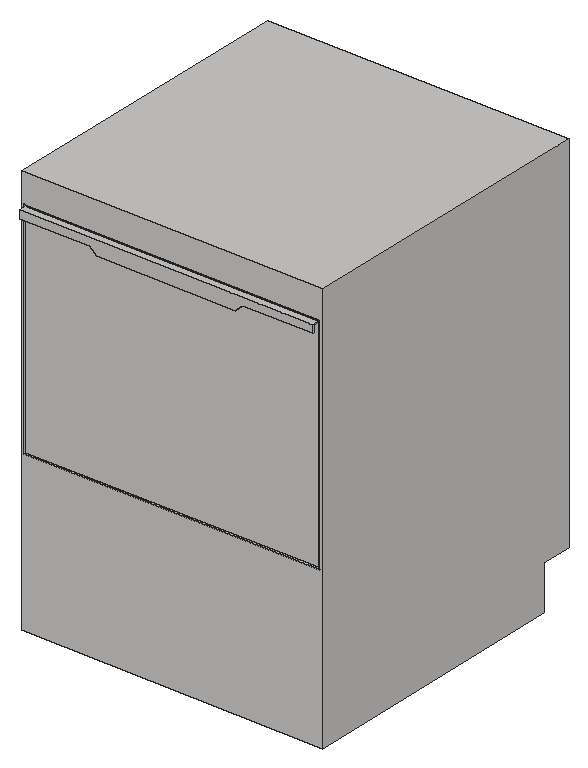
Revit family "QF_ELECTROLUXPROFESSIONAL_400222_EL3POWAG", category Specialty Equipment, Revit 2018
Family settings
  Round Connector Dimension = Use Diameter
  Part Type = Normal
  Work Plane-Based = No
  Always vertical = Yes
  Cut with Voids When Loaded = No
  Shared = No
  Room Calculation Point = No
Parameters
  Weight = 54.00 kg
  Watts = 0 W
  Volts = 0 V
  URL Manufacturer = ""
  URL = "http://professional.electrolux.com/"
  Steam Supply Size = 0 mm
  Steam Supply Minimum Pressure = 0.0 Pa
  Steam Supply Maximum Pressure = 0.0 Pa
  Steam Pounds per Hour = 0
  Show Logo [instance] = yes
  Show Clearance [instance] = yes
  Refrigeration Suction Line Size = 0 mm
  Refrigeration Liquid Line Size = 0 mm
  Refrigerant Compressor Remote = yes
  Manufacturer = ""
  Phase = 0
  Model = ""
  Length Actual = 600 mm  # constant formula
  Item Number = ""
  Hot Water Size = 0 mm
  Height Actual = 820 mm  # constant formula
  HP = "7.2 HP"
  Gas Size = 0 mm
  Gas KW = 0
  Gas Input Pressure = 0 W
  Direct Waste Size = 20.5 mm
  Description = ""
  Depth Actual = 648 mm  # constant formula
  Cycle = 0 Hz
  Condensate Return Size = 0 mm
  Compressed Air Volume = 0.0 L/s
  Compressed Air Size = 0 mm
  Compressed Air Pressure = 0.0 Pa
  Cold Water Size = 0 mm
  Accessory = yes
Types (2, lengths in mm): name | Volts | URL Manufacturer | URL | Manufacturer | Phase | Model | Item Number | Hot Water Size | Description | Cycle
  (no name) | 0 V | "" | "http://professional.electrolux.com/" | "" | 0 | "" | "" | 0 | "" | 0 Hz
  Standard | 400 V | "http://professional.electrolux.com" | "http://professional.electrolux.com" | "Electrolux Professional" | 3 | "EL3POWAG" | "400222" | 19.05 | "UNDERCOUNTER(L), 3PH, DP, ON WHEELS, 540D/H - AUTOGRILL" | 50 Hz
Reference planes
  plane 1 "Center (Front/Back)": y = 0
  plane 2: z = 0
  plane 3 "Center (Left/Right)": x = 0
  plane 4 "LEFT": x = -300
  plane 5 "RIGHT": x = 300
  plane 6 "FRONT": y = -306
  plane 7 "BACK": y = 306
  plane 8: x = -202.5
  plane 9: x = 202.5
  plane 10: z = 830
  plane 11: z = 10
Forms (mm)
  Extrusion 1, solid, material "QF_Finishes_Stainless Steel"
    sketch origin (0, 0, 0) x (1, 0, 0) y (0, 1, 0)
      loop
        line (-300, -306) -> (300, -306) -> (300, 245) -> (-300, 245) -> (-300, -306)
    from 10 to 830
  Extrusion 2, solid, material "QF_Finishes_Stainless Steel"
    sketch origin (0, 0, 0) x (1, 0, 0) y (0, 1, 0)
      loop
        line (-300, 245) -> (300, 245) -> (300, 306) -> (-300, 306) -> (-300, 245)
    from 100 to 830
  Extrusion 3, solid, material "QF_Finishes_Stainless Steel"
    sketch origin (0, 17.5, 0) x (1, 0, 0) y (0, 1, 0)
      loop
        circle (-254, 167.5) r 12.5
      loop
        circle (254, 167.5) r 12.5
      loop
        circle (-254, -263.5) r 12.5
      loop
        circle (254, -263.5) r 12.5
    from 0 to 10
  Extrusion 4, void
    sketch origin (-300, -306, 0) x (-1, 0, 0) y (0, 0, 1)
      loop
        line (-5, 773.217) -> (-595, 773.217) -> (-595, 327.335) -> (-5, 327.335) -> (-5, 773.217)
    from 0 to 30
  Extrusion 5, solid, material "QF_Finishes_Stainless Steel"
    sketch origin (-259, -389, 768) x (0, 0, -1) y (1, 0, 0)
      loop
        circle (693, 143) r 10
    from -634 to -695
  Extrusion 6, solid, material "QF_Door-Drawer Clearances", visible <- "Show Clearance", detail levels coarse
    sketch origin (-230, -282.5, 0) x (0, 1, 0) y (0, 0, -1)
      loop
        line (-23.5, -330.419) -> (-391.5, -330.419)
        arc (-391.5, -330.419) -> (-290.693, -619.855) -> (-23.5, -770) r 432.894
        line (-23.5, -770) -> (-23.5, -330.419)
    from 61.197 to -521.306
  Extrusion 7, solid, material "QF_Finishes_Stainless Steel"
    sketch origin (-315.481, -389, 738) x (0, 0, -1) y (1, 0, 0)
      loop
        circle (663, 252.481) r 8
    from -634 to -695
  Extrusion 8, solid, material "QF_Finishes_Stainless Steel"
    sketch origin (-230, -282.5, 0) x (0, 1, 0) y (0, 0, -1)
      loop
        line (-23.5, -330.419) -> (-23.5, -770) -> (1.5, -770) -> (1.5, -330.419) -> (-23.5, -330.419)
    from 61.197 to -521.306
  Extrusion 9, solid, material "QF_Finishes_Stainless Steel"
    sketch origin (-230, -297.5, 0) x (0, 1, 0) y (0, 0, -1)
      loop
        line (-8.5, -770) -> (-8.5, -767.514) -> (-21, -767.514) -> (-21, -741.25) -> (-23.5, -741.25) -> (-23.5, -770) -> (-8.5, -770)
    from 61.197 to -521.306
  Extrusion 10, void
    sketch origin (-230, -321, 770) x (0, 0, 1) y (1, 0, 0)
      loop
        line (-15.552, -61.197) -> (-15.552, 77.909) -> (-28.75, 91.107) -> (-28.75, -61.197) -> (-15.552, -61.197)
      loop
        line (-15.552, 521.197) -> (-28.75, 521.197) -> (-28.75, 368.893) -> (-15.552, 382.091) -> (-15.552, 521.197)
    from 0 to 2.5
  Extrusion 11, solid, material "QF_Finishes_Stainless Steel"
    sketch origin (-295.988, 885.897, 763.79) x (0, -1, 0) y (1, 0, 0)
      loop
        circle (611.5, 158) r 8
    from -663.79 to -673.79
Cuts and joins
  Extrusion 4 cuts Extrusion 1
  joined: Extrusion 1, Extrusion 2
  Extrusion 10 cuts Extrusion 8
  Extrusion 10 cuts Extrusion 9
Lines and regions (mm)
  Split face 1
    outline origin (-300, -306, 830) x (0, 0, -1) y (1, 0, 0)
      loop
        line (21.579, 283.75) -> (39.683, 283.75) -> (39.683, 316.25) -> (21.579, 316.25) -> (21.579, 283.75)
  Split face 2
    outline origin (-300, -306, 830) x (0, 0, -1) y (1, 0, 0)
      loop
        line (56.783, 595) -> (56.783, 600)
      loop
        arc (56.783, 412.5) -> (28.391, 440.891) -> (0, 412.5) r 28.391
  symbolic lines
    curve 1: line (-300, 306, 0) -> (300, 306, 0)
    curve 2: line (-300, -306, 0) -> (-300, 306, 0)
    curve 3: line (300, -306, 0) -> (-300, -306, 0)
    curve 4: line (300, 306, 0) -> (300, -306, 0)
    curve 9: line (-291.197, -306, 0) -> (-291.197, -321, 0)
    curve 10: line (291.306, -321, 0) -> (291.306, -306, 0)
    curve 11: line (-291.197, -321, 0) -> (291.306, -321, 0)
  symbolic lines, style "QF_Door-Drawer Clearances"
    curve 5: line (-291.197, -674, 0) -> (291.306, -674, 0)
    curve 6: line (291.306, -674, 0) -> (291.306, -306, 0)
    curve 7: line (-291.197, -674, 0) -> (-291.197, -306, 0)
  symbolic lines, style "SpecialityEquipmentHiddenLines"
    curve 8: line (-300, 245, 0) -> (300, 245, 0)
Dimensions and locks
  equal spacing: plane 4 "LEFT", plane 3 "Center (Left/Right)", plane 5 "RIGHT"
  equal spacing: plane 7 "BACK", plane 1 "Center (Front/Back)", plane 6 "FRONT"
  plane 7 "BACK" to plane 6 "FRONT" = 612 mm
  plane 4 "LEFT" to plane 5 "RIGHT" = 600 mm
  plane 4 "LEFT" to plane 8 = 97.5 mm
  plane 9 to plane 5 "RIGHT" = 97.5 mm
  plane 11 to level = 10 mm
  plane 4 "LEFT" to plane 3 "Center (Left/Right)" = 300 mm
  plane 10 to level = 830 mm  (x2)
  plane 8 to plane 9 = 405 mm
  Extrusion 11 sketch curve to plane 4 "LEFT" = 162.012 mm
  level to Extrusion 5 sketch curve = 75 mm
  Extrusion 5 sketch curve to plane 4 "LEFT" = 184 mm
  Extrusion 7 sketch curve to plane 4 "LEFT" = 237 mm
  level to Extrusion 7 sketch curve = 75 mm
  Extrusion 3 to cut or joined group of Extrusion 1, Extrusion 2, Extrusion 4 = 121 mm
  Extrusion 3 to Extrusion 3 = 431 mm
  plane 6 "FRONT" to Extrusion 3 = 60 mm
  plane 9 to plane 8 = 405 mm
  plane 7 "BACK" to curve 5 = 980 mm
  cut or joined group of Extrusion 1, Extrusion 2, Extrusion 4 to level = 327.335 mm
  aligned and locked: level to plane 2
  aligned and locked: Extrusion 1 sketch curve to plane 6 "FRONT"
  aligned and locked: Extrusion 1 sketch curve to plane 4 "LEFT"
  aligned and locked: plane 5 "RIGHT" to Extrusion 1 sketch curve
  aligned and locked: Extrusion 1 to plane 11
  aligned and locked: Extrusion 2 sketch curve to Extrusion 1
  aligned and locked: plane 5 "RIGHT" to Extrusion 2 sketch curve
  aligned and locked: plane 11 to Extrusion 3
  aligned and locked: cut or joined group of Extrusion 9, Extrusion 10 to Extrusion 10
Automatic sketch dimensions
  Extrusion 1 sketch curve to plane 7 "BACK" = 61 mm
  Extrusion 3 sketch curve to plane 8 = 51.5 mm  (x2)
  plane 9 to Extrusion 3 sketch curve = 51.5 mm  (x2)
  plane 6 "FRONT" to Extrusion 3 sketch curve = 60 mm  (x2)
  Extrusion 3 sketch curve to plane 7 "BACK" = 121 mm  (x2)
  Extrusion 4 sketch curve to Extrusion 1 = 5 mm  (x2)
  Extrusion 4 sketch curve to Extrusion 1 = 317.335 mm
  Extrusion 4 sketch curve to Extrusion 1 = 56.783 mm
  plane 6 "FRONT" to Extrusion 8 sketch curve = 0 mm
  Extrusion 8 sketch curve to Extrusion 8 sketch curve = 25 mm
  Extrusion 9 sketch curve to plane 6 "FRONT" = 15 mm
  Extrusion 9 sketch curve to Extrusion 9 sketch curve = 2.5 mm
  Extrusion 9 sketch curve to Extrusion 9 sketch curve = 12.5 mm
  Extrusion 9 sketch curve to plane 10 = 60 mm
  Extrusion 9 sketch curve to Extrusion 9 sketch curve = 2.486 mm
  Extrusion 9 sketch curve to Extrusion 9 sketch curve = 26.264 mm
  Extrusion 2 sketch curve to Extrusion 2 sketch curve = 61 mm
  Split face 1 sketch curve to cut or joined group of Extrusion 1, Extrusion 2, Extrusion 4 = 21.579 mm
  Split face 1 sketch curve to Split face 1 sketch curve = 18.104 mm
  Split face 1 sketch curve to cut or joined group of Extrusion 1, Extrusion 2, Extrusion 4 = 278.75 mm
  Split face 1 sketch curve to Split face 1 sketch curve = 32.5 mm
  plane 11 to Extrusion 8 sketch curve = 320.419 mm
  Extrusion 8 sketch curve to plane 10 = 60 mm
  Extrusion 10 sketch curve to Extrusion 9 = 0 mm  (x2)
  Extrusion 9 to Extrusion 10 sketch curve = 0 mm
  Extrusion 10 sketch curve to Extrusion 9 = 13.198 mm  (x2)
  Extrusion 10 sketch curve to Extrusion 9 = 139.107 mm
  Extrusion 10 sketch curve to Extrusion 10 sketch curve = 13.198 mm  (x2)
  Extrusion 10 sketch curve to Extrusion 9 = 152.413 mm
  Extrusion 10 sketch curve to Extrusion 9 = 0.109 mm
  curve 3 to plane 4 "LEFT" = 0 mm
  curve 7 to plane 6 "FRONT" = 0 mm
  curve 4 to plane 5 "RIGHT" = 0 mm
  curve 2 to plane 7 "BACK" = 0 mm
  plane 4 "LEFT" to curve 5 = 8.803 mm
  curve 5 to plane 5 "RIGHT" = 8.694 mm
  plane 4 "LEFT" to curve 11 = 8.803 mm
  curve 10 to plane 5 "RIGHT" = 8.694 mm
  curve 11 to plane 6 "FRONT" = 15 mm
  curve 8 to plane 7 "BACK" = 61 mm
  Extrusion 2 sketch curve to plane 7 "BACK" = 0 mm
  Split face 2 sketch curve to cut or joined group of Extrusion 1, Extrusion 2, Extrusion 4 = 0 mm  (x5)
  Split face 2 sketch curve to cut or joined group of Extrusion 1, Extrusion 2, Extrusion 4 = 182.5 mm
  Extrusion 11 sketch curve to plane 7 "BACK" = 31.603 mm
  Extrusion 6 sketch curve to plane 6 "FRONT" = 0 mm
  plane 6 "FRONT" to Extrusion 6 sketch curve = 64.74 mm
  plane 11 to Extrusion 6 sketch curve = 331.974 mm
  Extrusion 6 sketch curve to Extrusion 6 sketch curve = 11.555 mm
  Extrusion 6 sketch curve to plane 6 "FRONT" = 368 mm
  radius of Extrusion 5 sketch curve = 10 mm
  radius of Extrusion 7 sketch curve = 8 mm
  radius of Extrusion 3 sketch curve = 12.5 mm  (x4)
  radius of Extrusion 11 sketch curve = 8 mm
Connectors
  piping at (-116, 306, 75), diameter 20
    settings: on Extrusion 5, index 1, connector inside diameter 609.6 mm, connector length 0 mm, flow factor 0, pipe flow 0.0 L/s, pressure drop 0.0 Pa, fitting loss kfactor 0, connector angle 0.00°, fixture units 0, engagement length 0 mm, angle of deflection 0.00°, flow configuration 1, flow direction 1, fitting loss method 0, system type 16, joint type 0, gender type 0, connector reference index -1, connector utility 0, adjustable connector no, is connector primary yes, connector description "Drain"
  piping at (-63, 306, 75), diameter 16
    settings: on Extrusion 7, index 3, connector inside diameter 609.6 mm, connector length 0 mm, flow factor 0, pipe flow 0.0 L/s, pressure drop 0.0 Pa, fitting loss kfactor 0, connector angle 0.00°, fixture units 0, engagement length 0 mm, angle of deflection 0.00°, flow configuration 1, flow direction 1, fitting loss method 0, system type 20, joint type 0, gender type 0, connector reference index -1, connector utility 0, adjustable connector no, is connector primary no, connector description "Cold Water Inlet"
  electrical at (-137.988, 274.397, 90), driven by "Volts"
    settings: on Extrusion 11, index 4, voltage 0 V, apparent load 0 VA, apparent load phase1 0 VA, apparent load phase2 0 VA, apparent load phase3 0 VA, power factor 1, load classification "Altro", number of poles 1, system type 31, power factor state 1, is connector primary yes, connector utility no, sub classification motor no, connector description "Electrical Connection"
